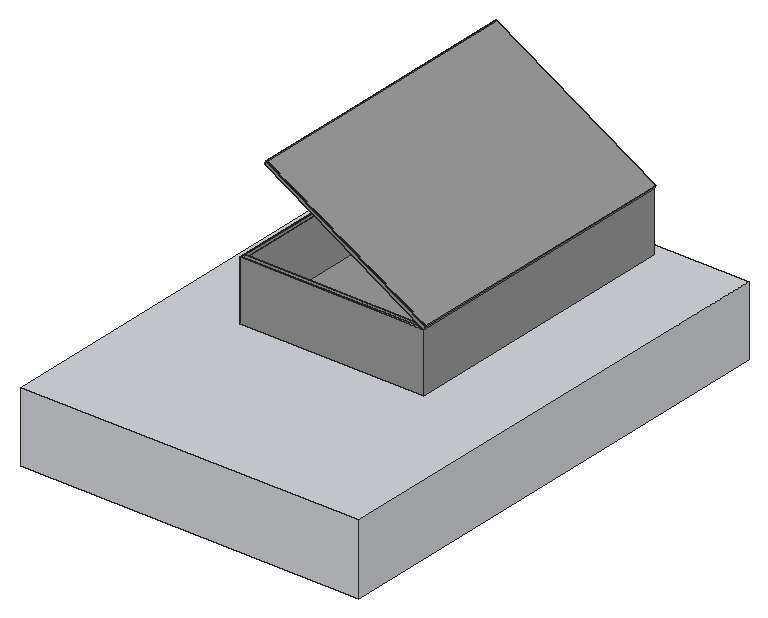
Revit family "Hager-Univers-IP55-D275-H1250-Cl.II-Steel_encl-PL-en", category Equipement électrique, Revit 2020
Family settings
  Hôte = Face
  Configuration du panneau = Deux colonnes, circuits au sein
  Cote de connecteur circulaire = Utiliser le diamètre
  Type d'élément = Tableau de raccordement
  Couper avec des vides une fois chargée = Non
  Partagée = Non
  Point de calcul de pièce = Non
Parameters (values of type "Surface mounted (plaster) IP55 W800 H1250 D275  - FR83S")
  Width Control [instance] = if([EF000008 - Width] > Min Width, [EF000008 - Width], Min Width)  # 800 mm
  Commentaires du type = [HG000003 - Range]  # "Univers"
  Thickness Door [instance] = if([EF009171 - Material plate thickness door/cover] > 3 mm, 3 mm, [EF009171 - Material plate thickness door/cover])  # 1.5 mm
  Seal Frame Offset [instance] = 17 mm  # constant formula
  Plinth Visibility [instance] = [HG000027 - Plinth height] > 0 mm  # no
  Model = ""
  Min Width [instance] = 100 mm  # constant formula
  Min Height [instance] = 100 mm  # constant formula
  Min Depth [instance] = (2 * [EF009170 - Material plate thickness cabinet]) + 1 mm  # 4 mm
  Internal Frame Depth [instance] = (Door System Depth * 0.5)  # 9 mm
  Height Control [instance] = if([EF000040 - Height] > Min Height, [EF000040 - Height], Min Height)  # 1250 mm
  HG000027 - Plinth height = 0 mm
  HG000026 - Floor standing = no
  HG000024 - Bottom section height = 800 mm
  HG000023 - Double section enclosure = no
  HG000016 - Door 3d visibility [instance] = yes
  HG000015 - Clearance visibility [instance] = no
  HG000014 - Door on the right [instance] = yes
  HG000013 - Door on the left [instance] = not([HG000014 - Door on the right])  # no
  HG000012 - Door swing angle [instance] = 30.00°
  HG000010 - Asymmetric doors = no
  HG000009 - Double swing door = no
  HG000006 - Flush mounted = no
  HG000004 - Manufacturer reference = "FR83S"
  HG000003 - Range = "Univers"
  HG000002 - With door or cover = yes
  Frame Offset Bottom [instance] = 10 mm  # constant formula
  Frame Offset [instance] = 15 mm  # constant formula
  EF015940 - Cover with overpressure release = no
  EF011959 - Degree of protection (NEMA) = ""
  EF009554 - Number of openings for flange plates = 6
  EF009212 - Cover model = "EV000116 - Closed"
  EF009171 - Material plate thickness door/cover = 1.5 mm
  EF009170 - Material plate thickness cabinet = 1.5 mm
  Fabricant = "Hager"  # constant formula
  EF008873 - Nominal current (In) = 800 A
  EF007800 - Suitable for lightning protection = no
  EF006306 - With lock = no
  EF006244 - Transparent cover/door = no
  EF005474 - Degree of protection (IP) = "EV006420 - IP55"
  EF004464 - Type of door = "EV002646 - Single"
  EF004427 - Number of modules = 288
  EF004293 - Impact strength = "EV008784 - IK10"
  EF003532 - Suitable for outdoor use = no
  EF002950 - Width in number of modular spacings = 24
  EF001613 - Circuit integrity = "EV000494 - None"
  EF001596 - Material housing = "EV000179 - Steel"
  EF001131 - Internal depth = 275 mm
  EF001088 - Extension possible = yes
  EF000437 - Number of conduit inlets = 6
  EF000339 - Type of cover = "EV004216 - Door"
  EF000266 - Number of rows = 8
  EF000218 - Built-in depth = 0 mm
  EF000118 - With mounting plate = no
  EF000116 - RAL-number = "7035"
  EF000049 - Depth = 275 mm
  EF000040 - Height = 1250 mm
  EF000008 - Width = 800 mm
  EF000007 - Colour = "EV000270 - Grey"
  EF000003 - Mounting method = "EV000384 - Surface mounted (plaster)"
  Door System Leaf Tolerance [instance] = 1.5 mm  # constant formula
  Door System Depth [instance] = 18 mm  # constant formula
  Door Height [instance] = Height Control - [HG000027 - Plinth height]  # 1250 mm
  Depth Control [instance] = if([EF000049 - Depth] > Min Depth, [EF000049 - Depth], Min Depth)  # 275 mm
  Default Elevation = 0 mm
  Connector Offset [instance] = Height Control / 2  # 625 mm
  Bottom Top Plate Trim [instance] = 1.5 mm  # constant formula
  Plinth height Ctrl [instance] = if([HG000027 - Plinth height] > 0 mm, [HG000027 - Plinth height], 12 mm)  # 12 mm
Types (5, lengths in mm): name | Width Control | HG000010 - Asymmetric doors | HG000009 - Double swing door | HG000004 - Manufacturer reference | EF009554 - Number of openings for flange plates | EF004464 - Type of door | EF004427 - Number of modules | EF000437 - Number of conduit inlets | EF000008 - Width
  Surface mounted (plaster) IP55 W1050 H1250 D275  - FR84S | 1050 | no | yes | "FR84S" | 8 | "EV003602 - Double" | 384 | 8 | 1050
  Surface mounted (plaster) IP55 W1300 H1250 D275  - FR85S | 1300 | yes | yes | "FR85S" | 10 | "EV003602 - Double" | 480 | 10 | 1300
  Surface mounted (plaster) IP55 W300 H1250 D275  - FR81S | 300 | no | no | "FR81S" | 2 | "EV002646 - Single" | 96 | 2 | 300
  Surface mounted (plaster) IP55 W550 H1250 D275  - FR82S | 550 | no | no | "FR82S" | 4 | "EV002646 - Single" | 192 | 4 | 550
  Surface mounted (plaster) IP55 W800 H1250 D275  - FR83S | 800 | no | no | "FR83S" | 6 | "EV002646 - Single" | 288 | 6 | 800
Reference planes
  plane 1 "Center (Front/Back)": y = 0
  plane 2: z = 0
  plane 3 "Center (Left/Right)": x = 0
  plane 4: z = 275
  plane 5: y = 1.5
  plane 6: y = 625
  plane 7: y = 0
  plane 8: y = 1250
  plane 9: z = 0
  plane 10: x = -385
  plane 11: x = 385
  plane 12: x = 383.5
  plane 13: x = -383.5
  plane 14: y = 1248.5
  plane 15: x = -383
  plane 16: x = -400
  plane 17: x = 383
  plane 18: x = 400
  plane 19: x = 398.5
  plane 20: x = -398.5
  plane 21: y = 11.5
  plane 22: y = 1250
  plane 23: y = 1233.5
  plane 24: z = 257
  plane 25: z = 1.5
  plane 26: z = 255.5
  plane 27: z = 273.5
Forms (mm)
  Extrusion 1, solid
    sketch origin (0, 0, 0) x (1, 0, 0) y (0, 1, 0)
      loop
        line (-702.964, 1305) -> (-702.964, -811.445) -> (766.763, -811.445) -> (766.763, 1305) -> (-702.964, 1305)
    from 0 to -304.8
  Extrusion 2, solid, material "Hager_Steel_RAL7035_Light_Grey", visible <- "Plinth Visibility", detail levels medium+fine
    sketch origin (0, 0, 0) x (1, 0, 0) y (0, 1, 0)
      loop
        line (-400, 0) -> (400, 0) -> (400, 12) -> (-400, 12) -> (-400, 0)
    from 0 to 257
  Extrusion 3, solid, material "Hager_Steel_RAL7035_Light_Grey", detail levels medium+fine
    sketch origin (0, 0, 0) x (1, 0, 0) y (0, 1, 0)
      loop
        line (-400, 0) -> (400, 0) -> (400, 1250) -> (-400, 1250) -> (-400, 0)
    from 0 to 257
  Extrusion 4, void
    sketch origin (0, 0, 0) x (1, 0, 0) y (0, 1, 0)
      loop
        line (-398.5, 1.5) -> (398.5, 1.5) -> (398.5, 1248.5) -> (-398.5, 1248.5) -> (-398.5, 1.5)
    from 1.5 to 255.5
  Extrusion 5, void
    sketch origin (-381.607, -4572, 257) x (0, -1, 0) y (-1, 0, 0)
      loop
        line (-4583.5, 1.893) -> (-5805.5, 1.893) -> (-5805.5, -765.107) -> (-4583.5, -765.107) -> (-4583.5, 1.893)
    from 0 to 1.5 <- "EF009170 - Material plate thickness cabinet"
  Extrusion 6, solid, material "Hager_Steel_RAL7035_Light_Grey", detail levels fine
    sketch origin (0, 0, 257) x (1, 0, 0) y (0, 1, 0)
      loop
        line (-383.5, 1233.5) -> (-383.5, 11.5) -> (383.5, 11.5) -> (383.5, 1233.5) -> (-383.5, 1233.5)
      loop
        line (-385, 10) -> (385, 10) -> (385, 1235) -> (-385, 1235) -> (-385, 10)
    from 0 to 9 <- "Internal Frame Depth"
  Extrusion 7, solid, material "Hager_Steel_RAL7035_Light_Grey", detail levels coarse
    sketch origin (0, 0, 0) x (1, 0, 0) y (0, 1, 0)
      loop
        line (-400, 0) -> (400, 0) -> (400, 1250) -> (-400, 1250) -> (-400, 0)
    from 0 to 275
  Sweep 8, void
    path in 3D
      loop
        line (-400, 12, 0) -> (400, 12, 0) -> (400, 12, 257) -> (-400, 12, 257) -> (-400, 12, 0)
    profile origin (-400, 12, 128.5) x (-1, 0, 0) y (0, -1, 0)
      loop
        line (0, 0) -> (0, 1.5) -> (-1.5, 1.5)
        arc (-1.5, 1.5) -> (-1.061, 0.439) -> (0, 0) r 1.5
Cuts and joins
  Extrusion 4, Extrusion 5 cuts Extrusion 3
  Sweep 8 cuts Extrusion 2
Lines and regions (mm)
  Masking region 1
    outline origin (0, 0, 0) x (1, 0, 0) y (0, 0, 1)
      loop
        line (-400, 275) -> (-400, 0) -> (400, 0) -> (400, 275) -> (-400, 275)
  Masking region 2, detail levels medium+fine
    outline origin (0, 140, 0) x (0, 1, 0) y (0, 0, 1)
      loop
        line (-140, 0) -> (1110, 0) -> (1110, 257) -> (-140, 257) -> (-140, 0)
  Masking region 3, not visible, detail levels medium+fine
    outline origin (0, 297.922, 0) x (0, 1, 0) y (0, 0, 1)
      loop
        line (338.578, 0) -> (378.578, 0) -> (378.578, 263.5)
        arc (378.578, 263.5) -> (375.649, 270.571) -> (368.578, 273.5) r 10
        line (368.578, 273.5) -> (338.578, 273.5) -> (338.578, 0)
  Masking region 4, detail levels coarse
    outline origin (0, 0, 180) x (0, 1, 0) y (0, 0, 1)
      loop
        line (0, -180) -> (1250, -180) -> (1250, 95) -> (0, 95) -> (0, -180)
  Masking region 5, visible <- "Plinth Visibility", detail levels medium+fine
    outline origin (0, 52.24, 12.345) x (0, 0, -1) y (0, 1, 0)
      loop
        line (10.845, -40.24) -> (-243.155, -40.24)
        arc (-243.155, -40.24) -> (-243.594, -41.301) -> (-244.655, -41.74) r 1.5
        line (-244.655, -41.74) -> (-244.655, -52.24) -> (12.345, -52.24) -> (12.345, -41.74)
        arc (12.345, -41.74) -> (11.285, -41.301) -> (10.845, -40.24) r 1.5
  Masking region 6, detail levels medium+fine
    outline origin (-381.607, -4572, 257) x (-1, 0, 0) y (0, -1, 0)
      loop
        line (18.393, -5822) -> (18.393, -4572) -> (-781.607, -4572) -> (-781.607, -5822) -> (18.393, -5822)
  Masking region 7, visible <- "Plinth Visibility", detail levels medium+fine
    outline origin (-381.607, -4727, 257) x (-1, 0, 0) y (0, -1, 0)
      loop
        arc (16.893, -4739) -> (17.332, -4737.939) -> (18.393, -4737.5) r 1.5
        line (18.393, -4737.5) -> (18.393, -4727) -> (-781.607, -4727) -> (-781.607, -4737.5)
        arc (-781.607, -4737.5) -> (-780.546, -4737.939) -> (-780.107, -4739) r 1.5
        line (-780.107, -4739) -> (16.893, -4739)
  Masking region 8, detail levels coarse
    outline origin (-442.548, -4669.526, 257) x (-1, 0, 0) y (0, -1, 0)
      loop
        line (-42.548, -5919.526) -> (-42.548, -4669.526) -> (-842.548, -4669.526) -> (-842.548, -5919.526) -> (-42.548, -5919.526)
  sketch lines
    curve 1: line (-400, 12, 257) -> (-400, 12, 0)
    curve 2: line (400, 12, 257) -> (-400, 12, 257)
    curve 3: line (400, 12, 257) -> (400, 12, 0)
    curve 4: line (-400, 12, 0) -> (400, 12, 0)
Dimensions and locks
  "Depth Control": plane 4 to Extrusion 1
  "HG000027 - Plinth height": plane 1 "Center (Front/Back)" to plane 7
  "EF009170 - Material plate thickness cabinet": plane 5 to plane 7
  locked: connector elem to plane 3 "Center (Left/Right)"
  equal spacing: plane 8, plane 6, plane 7
  locked: connector elem to plane 6
  "EF009170 - Material plate thickness cabinet": plane 8 to plane 14
  "EF009170 - Material plate thickness cabinet": plane 10 to plane 13
  "EF009170 - Material plate thickness cabinet": plane 12 to plane 11
  "Frame Offset": plane 20 to plane 13
  "Frame Offset": plane 12 to plane 19
  "EF009170 - Material plate thickness cabinet": plane 16 to plane 20
  "EF009170 - Material plate thickness cabinet": plane 19 to plane 18
  "Seal Frame Offset": plane 16 to plane 15
  "Seal Frame Offset": plane 17 to plane 18
  "Frame Offset Bottom": plane 21 to plane 5
  "Frame Offset": plane 14 to plane 23
  equal spacing: plane 16, plane 3 "Center (Left/Right)", plane 18
  "Width Control": plane 16 to plane 18
  "EF009170 - Material plate thickness cabinet": plane 4 to plane 27
  "EF009170 - Material plate thickness cabinet": plane 24 to plane 26
  "EF009170 - Material plate thickness cabinet": plane 25 to level
  "Door System Depth": plane 4 to plane 24
  "Height Control": plane 1 "Center (Front/Back)" to Extrusion 7 sketch curve
  "Height Control": Masking region 4 sketch curve to plane 1 "Center (Front/Back)"
  "Height Control": plane 1 "Center (Front/Back)" to plane 22
  "Bottom Top Plate Trim": profile plane to Sweep 8 sketch curve
  "Bottom Top Plate Trim": Sweep 8 sketch curve to profile plane
  "Plinth height Ctrl": plane 1 "Center (Front/Back)" to Extrusion 2 sketch curve
  "Plinth height Ctrl": Masking region 5 sketch curve to plane 1 "Center (Front/Back)"
  "Plinth height Ctrl": plane 1 "Center (Front/Back)" to Masking region 7 sketch curve
  "Thickness Door": Extrusion 6 sketch curve to Extrusion 6 sketch curve  (x3)
  "Thickness Door": cut or joined group of Extrusion 3, Extrusion 4, Extrusion 5 to Extrusion 6 sketch curve
  radius of Masking region 3 sketch curve = 10 mm
  "Bottom Top Plate Trim": radius of Masking region 5 sketch curve  (x2)
  "Bottom Top Plate Trim": radius of Sweep 8 sketch curve
  "Bottom Top Plate Trim": radius of Masking region 7 sketch curve  (x2)
  aligned and locked: plane 2 to Extrusion 1
  aligned and locked: level to Extrusion 1
  aligned and locked: level to Masking region 1 sketch curve
  aligned and locked: Masking region 1 sketch curve to plane 18
  aligned and locked: Masking region 1 sketch curve to plane 16
  aligned and locked: plane 7 to Masking region 2 sketch curve
  aligned and locked: level to Masking region 3 sketch curve
  aligned and locked: Masking region 3 sketch curve to plane 27
  aligned and locked: level to Masking region 2 sketch curve
  aligned and locked: plane 1 "Center (Front/Back)" to Extrusion 2 sketch curve
  aligned and locked: Extrusion 3 sketch curve to plane 7
  aligned and locked: plane 16 to Extrusion 3 sketch curve
  aligned and locked: plane 18 to Extrusion 3 sketch curve
  aligned and locked: plane 20 to Extrusion 4 sketch curve
  aligned and locked: plane 19 to Extrusion 4 sketch curve
  aligned and locked: Extrusion 4 sketch curve to plane 5
  aligned and locked: Extrusion 4 to plane 25
  aligned and locked: plane 26 to Extrusion 4
  aligned and locked: plane 24 to Extrusion 3
  aligned and locked: Extrusion 5 sketch curve to plane 21
  aligned and locked: Extrusion 5 sketch curve to plane 13
  aligned and locked: Extrusion 5 sketch curve to plane 12
  aligned and locked: plane 18 to Extrusion 7 sketch curve
  aligned and locked: plane 1 "Center (Front/Back)" to Extrusion 7 sketch curve
  aligned and locked: plane 16 to Extrusion 7 sketch curve
  aligned and locked: plane 4 to Extrusion 7
  aligned and locked: Extrusion 7 to level
  aligned and locked: level to Masking region 4 sketch curve
  aligned and locked: Masking region 4 sketch curve to plane 1 "Center (Front/Back)"
  aligned and locked: Masking region 4 sketch curve to plane 4
  aligned and locked: nested 1 to level
  aligned and locked: nested 1 to plane 16
  aligned and locked: plane 8 to Extrusion 3 sketch curve
  aligned and locked: plane 23 to Extrusion 5 sketch curve
  aligned and locked: plane 14 to Extrusion 4 sketch curve
  aligned and locked: Masking region 2 sketch curve to plane 8
  aligned and locked: level to Masking region 5 sketch curve
  aligned and locked: plane 16 to Extrusion 2 sketch curve
  aligned and locked: plane 18 to Extrusion 2 sketch curve
  aligned and locked: Masking region 5 sketch curve to plane 24
  aligned and locked: Masking region 2 sketch curve to plane 24
  aligned and locked: plane 24 to Extrusion 2
  aligned and locked: profile plane to Sweep 8 sketch curve  (x2)
  aligned and locked: Masking region 6 sketch curve to plane 18
  aligned and locked: Masking region 6 sketch curve to plane 22
  aligned and locked: Masking region 6 sketch curve to plane 16
  aligned and locked: plane 8 to plane 22
  aligned and locked: Masking region 6 sketch curve to plane 7
  aligned and locked: Masking region 7 sketch curve to plane 16
  aligned and locked: Masking region 7 sketch curve to plane 1 "Center (Front/Back)"
  aligned and locked: Masking region 7 sketch curve to plane 18
  aligned and locked: Masking region 8 sketch curve to plane 1 "Center (Front/Back)"
  aligned and locked: Masking region 8 sketch curve to plane 18
  aligned and locked: Masking region 8 sketch curve to plane 22
  aligned and locked: Masking region 8 sketch curve to plane 16
  aligned and locked: nested 2 to plane 7
  aligned and locked: plane 3 "Center (Left/Right)" to nested 2
  aligned and locked: nested 2 to plane 24
  aligned and locked: Extrusion 6 sketch curve to cut or joined group of Extrusion 3, Extrusion 4, Extrusion 5  (x4)
Automatic sketch dimensions
  Extrusion 1 sketch curve to Extrusion 1 sketch curve = 1469.727 mm
  Extrusion 1 sketch curve to Extrusion 1 sketch curve = 2116.445 mm
  Masking region 1 sketch curve to plane 4 = 0 mm
  plane 6 to Masking region 3 sketch curve = 11.5 mm
  Masking region 3 sketch curve to Masking region 3 sketch curve = 30 mm
  Masking region 5 sketch curve to plane 1 "Center (Front/Back)" = 0 mm
Nested families
  nested 1: "Hager_Enclosure_Symbol" at (-400, 0, 0) x (1, 0, 0) z (0, -1, 0), Height <- "Depth Control", Width <- "Width Control", type "Hager_Enclosure_Symbol"
    with Width_Ctrl 800 mm, Width 800 mm, Height_Ctrl 275 mm, Height 275 mm, A_Width_Int 18.047 mm, A_Width 216.562 mm, A_Height_Ctrl 240.625 mm, A_Height 240.625 mm
  nested 2: "EC000058_Univers_Door" at (0, 0, 257) x (1, 0, 0) z (0, 1, 0), Leaf_Tolerance <- "Door System Leaf Tolerance", Angle <- "HG000012 - Door swing angle", Door_Depth <- "Door System Depth", Door_Left <- "HG000013 - Door on the left", Transparent <- "EF006244 - Transparent cover/door", Assymetrical <- "HG000010 - Asymmetric doors", Width <- "Width Control", Clearance <- "HG000015 - Clearance visibility", Double <- "HG000009 - Double swing door", 3d_Door <- "HG000016 - Door 3d visibility", Lock_Visibility <- "EF006306 - With lock", Width_Ctrl <- "Width Control", Door_Right <- "HG000014 - Door on the right", Door <- "HG000002 - With door or cover", Height <- "Door Height", Thickness <- "Thickness Door", type "EC000058_Univers_Door", detail levels medium+fine
    with min_wh 4 mm, Width_Ctrl 800 mm, Width 800 mm, Transparent no, Thickness 1.5 mm, Seal_Material Hager_Rubber, Lock_Visibility no, Lock_Material Hager_Plastic_RAL9005_Jet_Black, Leaf_Width 800 mm, Leaf_Tolerance_External_Sides 0 mm, Leaf_Tolerance 1.5 mm, Leaf_Offset 0 mm, Leaf_Height 1247 mm, Leaf_2_Width 800 mm, Leaf_2_Offset 400 mm, Leaf_1_Width 800 mm, Leaf_1_Offset 400 mm, Height_Ctrl 1250 mm, Height 1250 mm, Glass_Material Hager_Glass, Double_Clearance_Ctrl no, Double no, Door_Right_Ctrl yes, Door_Right yes, Door_Material Hager_Steel_RAL7035_Light_Grey, Door_Left_Ctrl no, Door_Left no, Door_Depth 18 mm, Door yes, Clearance_Material Hager_Clearance, Clearance_Depth 800 mm, Clearance_Ctrl no, Clearance no, Assymetrical no, Angle 30.00°, 3d_Door yes
Connectors
  electrical at (0, 625, 0)
    settings: on plane 9, index 1, voltage 0 V, apparent load 0 VA, apparent load phase1 0 VA, apparent load phase2 0 VA, apparent load phase3 0 VA, power factor 1, load classification "Other", number of poles 1, system type 30, power factor state 1, is connector primary yes, connector utility no, sub classification motor no, connector description ""
Definition of nested family "EC000058_Univers_Door"
  Parameters (values of type "EC000058_Univers_Door")
    min_wh [instance] = (2 * Thickness) + 1 mm  # 11 mm
    Width_Ctrl [instance] = 400 mm
    Width [instance] = 500 mm
    Transparent [instance] = yes
    Thickness [instance] = 5 mm
    Seal_Material [instance] = none
    Lock_Visibility [instance] = yes
    Lock_Material [instance] = none
    Leaf_Width [instance] = if((Width_Ctrl - 2 * Leaf_Tolerance_External_Sides) > 0 mm, (Width_Ctrl - 2 * Leaf_Tolerance_External_Sides), min_wh)  # 400 mm
    Leaf_Tolerance_External_Sides [instance] = 0 mm  # constant formula
    Leaf_Tolerance [instance] = 1.5 mm
    Leaf_Offset [instance] = 0 mm  # constant formula
    Leaf_Height [instance] = if((Height_Ctrl - 2 * Leaf_Tolerance) > 0 mm, (Height_Ctrl - 2 * Leaf_Tolerance), min_wh)  # 497 mm
    Leaf_2_Width [instance] = if(and(and(Double, Assymetrical), Door_Left), (Leaf_Width / 3) - (Leaf_Tolerance / 2), if(and(and(Double, Assymetrical), Door_Right), (Leaf_Width / 3) * 2 - (Leaf_Tolerance / 2), if(and(Double, not(Assymetrical)), (Leaf_Width / 2) - Leaf_Tolerance, Leaf_Width)))  # 400 mm
    Leaf_2_Offset [instance] = if(and(Double, Assymetrical), Leaf_2_Width / 2, if(and(Double, not(Assymetrical)), Leaf_Width / 4, Leaf_Width / 2))  # 200 mm
    Leaf_1_Width [instance] = if(and(and(Double, Assymetrical), Door_Right), (Leaf_Width / 3) - (Leaf_Tolerance / 2), if(and(and(Double, Assymetrical), Door_Left), (Width / 3) * 2 - (Leaf_Tolerance / 2), if(and(Double, not(Assymetrical)), (Leaf_Width / 2) - Leaf_Tolerance, Leaf_Width)))  # 400 mm
    Leaf_1_Offset [instance] = if(and(Double, Assymetrical), Leaf_1_Width / 2, if(and(Double, not(Assymetrical)), Leaf_Width / 4, Leaf_Width / 2))  # 200 mm
    Height_Ctrl [instance] = if(Height > min_wh, Height, min_wh)  # 500 mm
    Height [instance] = 500 mm
    Glass_Material [instance] = none
    Double_Clearance_Ctrl [instance] = and(Double, Clearance)  # no
    Double [instance] = no
    Door_Right_Ctrl [instance] = and(or(Door_Right, Double), Door)  # yes
    Door_Right [instance] = yes
    Door_Material [instance] = none
    Door_Left_Ctrl [instance] = and(or(Door_Left, Double), Door)  # no
    Door_Left [instance] = no
    Door_Depth [instance] = 30 mm
    Door [instance] = yes
    Default Elevation = 1219.2 mm
    Clearance_Material [instance] = none
    Clearance_Depth [instance] = if(Leaf_1_Width > Leaf_2_Width, Leaf_1_Width, Leaf_2_Width)  # 400 mm
    Clearance_Ctrl [instance] = and(not(Double), Clearance)  # yes
    Clearance [instance] = yes
    Assymetrical [instance] = yes
    Angle [instance] = 30.00°
    3d_Door [instance] = yes
  Reference planes
    plane 1 "Center (Front/Back)": y = 0
    plane 2 "Bottom": z = 0
    plane 3 "Center (Left/Right)": x = 0
    plane 4: z = 500
    plane 5: x = -200
    plane 6: x = 200
    plane 7: z = 500
    plane 8: x = -200
    plane 9: z = 0
    plane 10: x = 200
    plane 11: y = 0
    plane 12: z = 1.5
    plane 13: x = -600
    plane 14: y = -400
    plane 15: x = 600
    plane 16: x = 0
    plane 17: x = 0
    plane 18: x = -200
    plane 19: x = 200
    plane 20: z = 498.5
  Forms (mm)
    Extrusion 1, solid, material <- "Clearance_Material", visible <- "Double_Clearance_Ctrl"
      sketch origin (1200, 0, 0) x (1, 0, 0) y (0, 0, -1)
        loop
          line (-1800, -498.5) -> (-600, -498.5) -> (-600, 0) -> (-1800, 0) -> (-1800, -498.5)
      from 0 to -400
  Dimensions and locks
    equal spacing: plane 5, plane 3 "Center (Left/Right)", plane 6
    "Width_Ctrl": plane 5 to plane 6
    "Leaf_Offset": plane 5 to plane 8
    "Leaf_Offset": plane 6 to plane 10
    "Leaf_Offset": plane 9 to level
    "Leaf_Offset": plane 4 to plane 7
    "Height_Ctrl": plane 4 to level
    "Leaf_Tolerance": plane 12 to plane 9
    locked: plane 11 to plane 1 "Center (Front/Back)"
    "Leaf_1_Offset": plane 18 to plane 16
    "Leaf_2_Offset": plane 17 to plane 19
    "Leaf_1_Width": plane 13 to plane 8
    "Leaf_2_Width": plane 10 to plane 15
    "Clearance_Depth": plane 14 to plane 1 "Center (Front/Back)"
    "Leaf_Tolerance_External_Sides": plane 8 to plane 18
    "Leaf_Tolerance_External_Sides": plane 19 to plane 10
    "Leaf_Tolerance": plane 7 to plane 20
    aligned and locked: level to plane 2 "Bottom"
    aligned and locked: nested 1 to plane 16
    aligned and locked: nested 2 to plane 17
    aligned and locked: Extrusion 1 to plane 13
    aligned and locked: plane 15 to Extrusion 1
    aligned and locked: Extrusion 1 to plane 14
    aligned and locked: plane 12 to nested 1
    aligned and locked: nested 2 to plane 12
    aligned and locked: Extrusion 1 to plane 11
    aligned and locked: plane 20 to Extrusion 1
    aligned and locked: nested 2 to plane 11
    aligned and locked: nested 1 to plane 11
  Automatic sketch dimensions
    Extrusion 1 sketch curve to level = 0 mm
    plane 5 to Extrusion 1 sketch curve = 400 mm
    plane 6 to Extrusion 1 sketch curve = 400 mm
    Extrusion 1 sketch curve to plane 4 = 1.5 mm
  Nested families
    nested 1: "EC000058_Univers_Door_Leaf" at (0, 0, 1.5), Width <- "Leaf_1_Width", visible <- "Door_Left_Ctrl", Leaf_Height <- "Leaf_Height", Angle <- "Angle", 3d_Door <- "3d_Door", Transparent <- "Transparent", Clearance Material <- "Clearance_Material", Clearance <- "Clearance_Ctrl", Door_Material <- "Door_Material", Glass_Material <- "Glass_Material", Door_Depth <- "Door_Depth", Lock_Material <- "Lock_Material", Seal_Material <- "Seal_Material", Lock_Visibility <- "Lock_Visibility", Thickness <- "Thickness", type "EC000058_Univers_Door_Leaf"
      with Width 400 mm, Transparent_Glass_Offset 30 mm, Transparent_Ctrl yes, Transparent yes, Thickness 5 mm, Standard no, Seal_Material none, Seal_D2 8 mm, Seal_D1 1 mm, Offset_Internal_Frame 10 mm, Lock_Width 20 mm, Lock_Visibility_3d yes, Lock_Visibility yes, Lock_Thickness_3 3 mm, Lock_Thickness_2 1 mm, Lock_Thickness_1 3 mm, Lock_Radius_Offset_2 16 mm, Lock_Radius_Offset_1 15 mm, Lock_Radius_2 5 mm, Lock_Radius 6 mm, Lock_Offset 5 mm, Lock_Material none, Lock_Height 80 mm, Lock_Cover_Top_Offset_2d 17 mm, Lock_Cover_Height -65 mm, Leaf_Height 497 mm, Internal_Seal_Thickness 8 mm, Internal_Seal_Depth_2 4.5 mm, Internal_Frame_Depth 25 mm, Glass_Thickness -1 mm, Glass_Offset -2 mm, Glass_Material none, Door_Material none, Door_Depth 30 mm, Clearance Material none, Clearance yes, Angle_Ctrl 30.00°, Angle 30.00°, 3d_Door yes
    nested 2: "EC000058_Univers_Door_Leaf" at (0, 0, 1.5) x (-1, 0, 0) z (0, 0, 1), Width <- "Leaf_2_Width", visible <- "Door_Right_Ctrl", Leaf_Height <- "Leaf_Height", Angle <- "Angle", 3d_Door <- "3d_Door", Transparent <- "Transparent", Clearance Material <- "Clearance_Material", Clearance <- "Clearance_Ctrl", Door_Material <- "Door_Material", Glass_Material <- "Glass_Material", Door_Depth <- "Door_Depth", Lock_Material <- "Lock_Material", Seal_Material <- "Seal_Material", Lock_Visibility <- "Lock_Visibility", Thickness <- "Thickness", type "EC000058_Univers_Door_Leaf"
      with Width 400 mm, Transparent_Glass_Offset 30 mm, Transparent_Ctrl yes, Transparent yes, Thickness 5 mm, Standard no, Seal_Material none, Seal_D2 8 mm, Seal_D1 1 mm, Offset_Internal_Frame 10 mm, Lock_Width 20 mm, Lock_Visibility_3d yes, Lock_Visibility yes, Lock_Thickness_3 3 mm, Lock_Thickness_2 1 mm, Lock_Thickness_1 3 mm, Lock_Radius_Offset_2 16 mm, Lock_Radius_Offset_1 15 mm, Lock_Radius_2 5 mm, Lock_Radius 6 mm, Lock_Offset 5 mm, Lock_Material none, Lock_Height 80 mm, Lock_Cover_Top_Offset_2d 17 mm, Lock_Cover_Height -65 mm, Leaf_Height 497 mm, Internal_Seal_Thickness 8 mm, Internal_Seal_Depth_2 4.5 mm, Internal_Frame_Depth 25 mm, Glass_Thickness -1 mm, Glass_Offset -2 mm, Glass_Material none, Door_Material none, Door_Depth 30 mm, Clearance Material none, Clearance yes, Angle_Ctrl 30.00°, Angle 30.00°, 3d_Door yes
  Definition of nested family "EC000058_Univers_Door_Leaf"
    Parameters (values of type "EC000058_Univers_Door_Leaf")
      Width [instance] = 2000 mm
      Transparent_Glass_Offset [instance] = 30 mm
      Transparent_Ctrl [instance] = and(Transparent, [3d_Door])  # yes
      Transparent [instance] = yes
      Thickness [instance] = 5 mm
      Standard [instance] = and(not(Transparent), [3d_Door])  # no
      Seal_Material [instance] = none
      Seal_D2 [instance] = 8 mm  # constant formula
      Seal_D1 [instance] = 1 mm  # constant formula
      Offset_Internal_Frame [instance] = 10 mm  # constant formula
      Lock_Width [instance] = 20 mm  # constant formula
      Lock_Visibility_3d [instance] = and(Lock_Visibility, [3d_Door])  # yes
      Lock_Visibility [instance] = yes
      Lock_Thickness_3 [instance] = 3 mm  # constant formula
      Lock_Thickness_2 [instance] = 1 mm  # constant formula
      Lock_Thickness_1 [instance] = 3 mm  # constant formula
      Lock_Radius_Offset_2 [instance] = Lock_Radius_Offset_1 + 1 mm  # 16 mm
      Lock_Radius_Offset_1 [instance] = 15 mm  # constant formula
      Lock_Radius_2 [instance] = Lock_Radius - 1 mm  # 5 mm
      Lock_Radius [instance] = 6 mm  # constant formula
      Lock_Offset [instance] = 5 mm  # constant formula
      Lock_Material [instance] = none
      Lock_Height [instance] = 80 mm  # constant formula
      Lock_Cover_Top_Offset_2d [instance] = Lock_Radius_Offset_2 + 1 mm  # 17 mm
      Lock_Cover_Height [instance] = -(Lock_Height - Lock_Radius_Offset_1)  # -65 mm
      Leaf_Height [instance] = 2720.336 mm
      Internal_Seal_Thickness [instance] = 8 mm  # constant formula
      Internal_Seal_Depth_2 [instance] = 4.5 mm  # constant formula
      Internal_Frame_Depth [instance] = if(Door_Depth - Thickness > 5 mm, Door_Depth - Thickness, 5 mm)  # 25 mm
      Glass_Thickness [instance] = if(Thickness > 15 mm, Glass_Offset + 10 mm, -1 mm)  # -1 mm
      Glass_Offset [instance] = if(Thickness > 15 mm, -(Thickness + 10 mm) / 2, -2 mm)  # -2 mm
      Glass_Material [instance] = none
      Door_Material [instance] = none
      Door_Depth [instance] = 30 mm
      Default Elevation = 0 mm
      Clearance Material [instance] = none
      Clearance [instance] = yes
      Angle_Ctrl [instance] = if(Angle > 180.00°, 180.00°, Angle)  # 90.00°
      Angle [instance] = 90.00°
      3d_Door [instance] = yes
    Reference planes
      plane 1 "Center (Front/Back)": y = 0
      plane 2: z = 0
      plane 3 "Center (Left/Right)": x = 0
      plane 4: y = 2000
      plane 5: x = -1000
      plane 6: x = 1000
      plane 7: x = -3000
      plane 8: z = 2720.336
      plane 9: z = 30
      plane 10: z = 2690.336
      plane 11: x = 970
      plane 12: x = -970
      plane 13: y = -3
      plane 14: z = 107.833
      plane 15: y = -5
      plane 16: y = -223.314
      plane 17: x = -1000
      plane 18: z = 1360.168
      plane 19: y = 30
    Forms (mm)
      Extrusion 1, solid, material <- "Clearance Material", visible <- "Clearance"
        sketch origin (0, 0, 0) x (1, 0, 0) y (0, 0, 1)
          loop
            line (-3000, 2720.336) -> (-3000, 0) -> (1000, 0) -> (1000, 2720.336) -> (-3000, 2720.336)
        from 0 to -2000
      Extrusion 2, solid, material <- "Door_Material", visible <- "Standard", detail levels medium+fine
        sketch origin (-1000, 0, 0) x (0, 1, 0) y (-1, 0, 0)
          loop
            line (0, 30) -> (0, 25) -> (2000, 25) -> (2000, 30) -> (0, 30)
        from 0 to 2720.336 <- "Leaf_Height"
      Extrusion 3, solid, material <- "Door_Material", visible <- "Transparent_Ctrl", detail levels medium+fine
        sketch origin (-1000, 0, 0) x (0, 1, 0) y (-1, 0, 0)
          loop
            line (0, 25) -> (2000, 25) -> (2000, 30) -> (0, 30) -> (0, 25)
        from 0 to 2720.336 <- "Leaf_Height"
      Extrusion 4, void
        sketch origin (-1025, 2000, 0) x (0, 1, 0) y (0, 0, -1)
          loop
            line (-30, -2690.336) -> (-30, -30) -> (-1970, -30) -> (-1970, -2690.336) -> (-30, -2690.336)
        from 0 to 5 <- "Thickness"
      Sweep 5, solid, material <- "Seal_Material", visible <- "Transparent_Ctrl", detail levels fine
        path in 3D
          loop
            line (-1025, 30, 30) -> (-1025, 30, 2690.336) -> (-1025, 1970, 2690.336) -> (-1025, 1970, 30) -> (-1025, 30, 30)
        profile origin (-1025, 1000, 30) x (1, 0, 0) y (0, 0, 1)
          loop
            line (0, 0) -> (0, -8) -> (1, -8) -> (1, 0) -> (0, 0)
      Extrusion 6, solid, material <- "Glass_Material", visible <- "Transparent_Ctrl", detail levels medium+fine
        sketch origin (-1030, 0, 0) x (0, 1, 0) y (0, 0, -1)
          loop
            line (1970, -2690.336) -> (1970, -30) -> (30, -30) -> (30, -2690.336) -> (1970, -2690.336)
        from -2 <- "Glass_Offset" to -1 <- "Glass_Thickness"
      Extrusion 7, solid, material <- "Door_Material", visible <- "3d_Door", detail levels medium+fine
        sketch origin (-1025, 2000, 0) x (0, -1, 0) y (0, 0, -1)
          loop
            line (0, -2720.336) -> (2000, -2720.336) -> (2000, 0) -> (0, 0) -> (0, -2720.336)
          loop
            line (1995, -5) -> (5, -5) -> (5, -2715.336) -> (1995, -2715.336) -> (1995, -5)
        from 0 to 25 <- "Internal_Frame_Depth"
      Sweep 8, solid, material <- "Seal_Material", visible <- "Transparent_Ctrl", detail levels fine
        path in 3D
          loop
            line (-1025, 0, 0) -> (-1025, 2000, 0) -> (-1025, 2000, 2720.336) -> (-1025, 0, 2720.336) -> (-1025, 0, 0)
        profile origin (-1025, 0, 1360.168) x (1, 0, 0) y (0, 1, 0)
          loop
            line (0, 10) -> (2.975, 10)
            arc (2.975, 10) -> (4.053, 10.447) -> (4.5, 11.525) r 1.525
            line (4.5, 11.525) -> (4.5, 16.527)
            arc (4.5, 16.527) -> (4.069, 17.569) -> (3.027, 18) r 1.473
            line (3.027, 18) -> (0, 18) -> (0, 10)
      Extrusion 9, solid, material <- "Lock_Material", visible <- "Lock_Visibility_3d", detail levels fine
        sketch origin (-1030, 0, 0) x (0, 1, 0) y (0, 0, -1)
          loop
            arc (1993.5, -1400.168) -> (1994.561, -1399.729) -> (1995, -1398.668) r 1.5
            line (1995, -1398.668) -> (1995, -1320.168) -> (1975, -1320.168) -> (1975, -1398.668)
            arc (1975, -1398.668) -> (1975.439, -1399.729) -> (1976.5, -1400.168) r 1.5
            line (1976.5, -1400.168) -> (1993.5, -1400.168)
        from 3 <- "Lock_Thickness_1" to 0
      Blend 10, solid, material <- "Lock_Material", visible <- "Lock_Visibility_3d", detail levels fine
        base sketch origin (-1033, 0, 0) x (0, 1, 0) y (0, 0, -1)
          loop
            line (1975, -1320.168) -> (1975, -1398.668)
            arc (1975, -1398.668) -> (1975.439, -1399.729) -> (1976.5, -1400.168) r 1.5
            line (1976.5, -1400.168) -> (1993.5, -1400.168)
            arc (1993.5, -1400.168) -> (1994.561, -1399.729) -> (1995, -1398.668) r 1.5
            line (1995, -1398.668) -> (1995, -1320.168) -> (1975, -1320.168)
        top sketch origin (-1033, 0, 0) x (0, 1, 0) y (0, 0, -1)
          loop
            line (1976, -1320.168) -> (1976, -1398.668)
            arc (1976, -1398.668) -> (1976.146, -1399.022) -> (1976.5, -1399.168) r 0.5
            line (1976.5, -1399.168) -> (1993.5, -1399.168)
            arc (1993.5, -1399.168) -> (1993.854, -1399.022) -> (1994, -1398.668) r 0.5
            line (1994, -1398.668) -> (1994, -1320.168) -> (1976, -1320.168)
        from 0 to 1 <- "Lock_Thickness_2"
      Blend 11, solid, material <- "Lock_Material", visible <- "Lock_Visibility_3d", detail levels fine
        base sketch origin (-1034, 0, 0) x (0, 1, 0) y (0, 0, -1)
          loop
            line (1978, -1320.168) -> (1978, -1384.168)
            arc (1978, -1384.168) -> (1985, -1391.168) -> (1992, -1384.168) r 7
            line (1992, -1384.168) -> (1992, -1320.168) -> (1978, -1320.168)
        top sketch origin (-1034, 0, 0) x (0, 1, 0) y (0, 0, -1)
          loop
            line (1991, -1320.168) -> (1979, -1320.168) -> (1979, -1383.168)
            arc (1979, -1383.168) -> (1985, -1389.168) -> (1991, -1383.168) r 6
            line (1991, -1383.168) -> (1991, -1320.168)
        from 0 to 3 <- "Lock_Thickness_3"
      Extrusion 12, solid, material <- "Lock_Material", visible <- "Lock_Visibility_3d", detail levels fine
        sketch origin (-1030, 1975, 1320.168) x (1, 0, 0) y (0, -1, 0)
          loop
            line (-7, -19) -> (-7, -1) -> (0, -1) -> (0, 0) -> (-8, 0) -> (-8, -20) -> (0, -20) -> (0, -19) -> (-7, -19)
        from 0 to -65 <- "Lock_Cover_Height"
      Extrusion 13, void
        sketch origin (-1038, 1995, 1320.168) x (-1, 0, 0) y (0, 0, -1)
          loop
            line (-5, -65) -> (0, -65) -> (-5, -60) -> (-5, -65)
        from 0 to 20 <- "Lock_Width"
      Extrusion 14, void
        sketch origin (-1038, 1975, 1320.168) x (0, -1, 0) y (0, 0, -1)
          loop
            circle (-10, -15.995) r 6
          loop
            circle (-10, -15.995) r 5
        from 0 to 2
      Extrusion 15, solid, material <- "Lock_Material", visible <- "Lock_Visibility_3d", detail levels medium
        sketch origin (-1030, 0, 0) x (0, 1, 0) y (0, 0, -1)
          loop
            arc (1993.5, -1400.168) -> (1994.561, -1399.729) -> (1995, -1398.668) r 1.5
            line (1995, -1398.668) -> (1995, -1320.168) -> (1975, -1320.168) -> (1975, -1398.668)
            arc (1975, -1398.668) -> (1975.439, -1399.729) -> (1976.5, -1400.168) r 1.5
            line (1976.5, -1400.168) -> (1993.5, -1400.168)
        from 8 to 0
    Cuts and joins
      Extrusion 4 cuts Extrusion 3
      Extrusion 13, Extrusion 14 cuts Extrusion 9
      Extrusion 14 cuts Blend 11
      Extrusion 13, Extrusion 14 cuts Extrusion 12
      joined: Extrusion 9, Blend 10, Blend 11, Extrusion 12
      Extrusion 14 cuts Extrusion 15
    Lines and regions (mm)
      Masking region 1, visible <- "Lock_Visibility", detail levels fine
        outline origin (0, 0, 0) x (0, 1, 0) y (0, 0, 1)
          loop
            line (30, 1320.168) -> (33, 1320.168) -> (33, 1400.168) -> (30, 1400.168) -> (30, 1320.168)
      Masking region 2, visible <- "Lock_Visibility", detail levels fine
        outline origin (0, 3.143, 0) x (0, 1, 0) y (0, 0, 1)
          loop
            line (29.857, 1354.168) -> (30.857, 1354.168) -> (30.857, 1366.168) -> (29.857, 1366.168) -> (29.857, 1354.168)
      Masking region 3, detail levels medium+fine
        outline origin (0, 0, 0) x (0, 1, 0) y (0, 0, 1)
          loop
            line (0, 0) -> (30, 0) -> (30, 2720.336) -> (0, 2720.336) -> (0, 0)
      Masking region 4, detail levels medium+fine
        outline origin (0, 0, 0) x (1, 0, 0) y (0, 0, 1)
          loop
            line (-1000, 2720.336) -> (-1000, 0) -> (1000, 0) -> (1000, 2720.336) -> (-1000, 2720.336)
      Masking region 5, visible <- "Lock_Visibility", detail levels fine
        outline origin (-47.116, 0, 0) x (1, 0, 0) y (0, 0, 1)
          loop
            arc (1024.616, 1399.168) -> (1023.556, 1398.729) -> (1023.116, 1397.668) r 1.5
            line (1023.116, 1397.668) -> (1023.116, 1320.168) -> (1041.116, 1320.168) -> (1041.116, 1397.668)
            arc (1041.116, 1397.668) -> (1040.677, 1398.729) -> (1039.616, 1399.168) r 1.5
            line (1039.616, 1399.168) -> (1024.616, 1399.168)
      Masking region 6, visible <- "Lock_Visibility", detail levels medium+fine
        outline origin (-25, 0, 0) x (1, 0, 0) y (0, 0, 1)
          loop
            arc (1001.5, 1400.168) -> (1000.439, 1399.729) -> (1000, 1398.668) r 1.5
            line (1000, 1398.668) -> (1000, 1320.168) -> (1020, 1320.168) -> (1020, 1398.668)
            arc (1020, 1398.668) -> (1019.561, 1399.729) -> (1018.5, 1400.168) r 1.5
            line (1018.5, 1400.168) -> (1001.5, 1400.168)
      Masking region 7, visible <- "Lock_Visibility", detail levels fine
        outline origin (-73.735, 0, 0) x (1, 0, 0) y (0, 0, 1)
          loop
            line (1051.735, 1382.168) -> (1065.735, 1382.168) -> (1065.735, 1384.168)
            arc (1065.735, 1384.168) -> (1058.735, 1391.168) -> (1051.735, 1384.168) r 7
            line (1051.735, 1384.168) -> (1051.735, 1382.168)
      Masking region 8, visible <- "Lock_Visibility", detail levels fine
        outline origin (-73.735, 0, 0) x (1, 0, 0) y (0, 0, 1)
          loop
            line (1052.735, 1382.168) -> (1064.735, 1382.168) -> (1064.735, 1383.168)
            arc (1064.735, 1383.168) -> (1058.735, 1389.168) -> (1052.735, 1383.168) r 6
            line (1052.735, 1383.168) -> (1052.735, 1382.168)
      Masking region 9, visible <- "Lock_Visibility", detail levels fine
        outline origin (-25, 0, 0) x (1, 0, 0) y (0, 0, 1)
          loop
            line (1020, 1320.168) -> (1020, 1382.168) -> (1000, 1382.168) -> (1000, 1320.168) -> (1020, 1320.168)
      Masking region 10, detail levels medium+fine
        outline origin (0, 0, 0) x (1, 0, 0) y (0, 0, 1)
          loop
            circle (985, 1335.144) r 6
      Masking region 11, detail levels fine
        outline origin (0, 0, 0) x (1, 0, 0) y (0, 0, 1)
          loop
            circle (985, 1335.144) r 5
      Masking region 12, visible <- "Lock_Visibility", detail levels fine
        outline origin (0, 12.767, 0) x (0, 1, 0) y (0, 0, 1)
          loop
            line (20.233, 1320.168) -> (21.233, 1320.168) -> (21.233, 1399.168) -> (20.233, 1400.168) -> (20.233, 1320.168)
      Masking region 13, visible <- "Lock_Visibility", detail levels fine
        outline origin (0, 13.767, -10) x (0, 1, 0) y (0, 0, 1)
          loop
            line (20.233, 1330.168) -> (23.233, 1330.168) -> (23.233, 1399.168) -> (20.233, 1402.168) -> (20.233, 1330.168)
      Masking region 14, visible <- "Lock_Visibility", detail levels fine
        outline origin (0, 12.767, -10) x (0, 1, 0) y (0, 0, 1)
          loop
            line (20.233, 1330.168) -> (25.233, 1330.168) -> (25.233, 1399.305) -> (20.233, 1394.305) -> (20.233, 1330.168)
      Masking region 15, visible <- "Lock_Visibility", detail levels medium
        outline origin (0, 0, 0) x (0, 1, 0) y (0, 0, 1)
          loop
            line (30, 1320.168) -> (38, 1320.168) -> (38, 1400.168) -> (30, 1400.168) -> (30, 1320.168)
      Masking region 16, visible <- "Lock_Visibility", detail levels fine
        outline origin (-1000, 0, 0) x (0, 1, 0) y (-1, 0, 0)
          loop
            line (1975, 30) -> (1995, 30) -> (1995, 38) -> (1975, 38) -> (1975, 30)
          loop
            line (1979, 37) -> (1976, 37) -> (1976, 34) -> (1978, 34) -> (1979, 37)
          loop
            line (1994, 37) -> (1991, 37) -> (1992, 34) -> (1994, 34) -> (1994, 37)
      Masking region 17, visible <- "Lock_Visibility", detail levels medium
        outline origin (-1000, 0, 0) x (0, 1, 0) y (-1, 0, 0)
          loop
            line (1975, 30) -> (1995, 30) -> (1995, 38) -> (1975, 38) -> (1975, 30)
      symbolic lines
        curve 1: line (1000, 0, 0) -> (-3000, 0, 0)
        curve 2: arc (1000, 0, 0) -> (-1000, 2000, 0) -> (-3000, 0, 0) r 2000
        curve 4: line (-1030, 0, 0) -> (-1030, 2000, 0)
      reference lines
        curve 3: line (-1000, 0, 0) -> (-1000, 2000, 0)
      symbolic lines, detail levels medium+fine
        curve 5: line (-1030, 2000, 0) -> (-1025, 2000, 0)
        curve 7: line (-1025, 0, 0) -> (-1030, 0, 0)
        curve 8: line (-1025, 0, 0) -> (-1000, 0, 0)
        curve 9: line (-1000, 0, 0) -> (-1000, 2000, 0)
        curve 10: line (-1000, 2000, 0) -> (-1025, 2000, 0)
      symbolic lines, detail levels fine
        curve 6: line (-1025, 2000, 0) -> (-1025, 0, 0)
      sketch lines
        curve 11: line (-1025, 0, 2720.336) -> (-1025, 0, 0)
        curve 12: line (-1025, 2000, 0) -> (-1025, 0, 0)
        curve 13: line (-1025, 2000, 2720.336) -> (-1025, 2000, 0)
        curve 14: line (-1025, 0, 2720.336) -> (-1025, 2000, 2720.336)
        curve 15: line (-1025, 1970, 30) -> (-1025, 30, 30)
        curve 16: line (-1025, 30, 30) -> (-1025, 30, 2690.336)
        curve 17: line (-1025, 1970, 2690.336) -> (-1025, 1970, 30)
        curve 18: line (-1025, 30, 2690.336) -> (-1025, 1970, 2690.336)
      symbolic lines, visible <- "Transparent", detail levels medium+fine
        curve 19: line (-970, 0, 2690.336) -> (970, 0, 2690.336)
        curve 20: line (-970, 0, 30) -> (-970, 0, 2690.336)
        curve 21: line (970, 0, 30) -> (-970, 0, 30)
        curve 22: line (970, 0, 2690.336) -> (970, 0, 30)
    Dimensions and locks
      "Width": plane 1 "Center (Front/Back)" to plane 4
      equal spacing: plane 5, plane 3 "Center (Left/Right)", plane 6
      "Width": plane 5 to plane 6
      "Width": plane 7 to plane 5
      "Leaf_Height": plane 8 to level
      "Width": curve 5 to curve 3
      "Width": curve 3 to curve 3
      plane 8 to plane 10 = 30 mm
      plane 9 to level = 30 mm
      plane 12 to plane 5 = 30 mm
      plane 6 to plane 11 = 30 mm
      Extrusion 1 to Extrusion 4 sketch curve = 30 mm
      "Transparent_Glass_Offset": curve 3 to Extrusion 4 sketch curve
      "Transparent_Glass_Offset": Extrusion 4 sketch curve to cut or joined group of Extrusion 3, Extrusion 4  (x2)
      cut or joined group of Extrusion 3, Extrusion 4 to Extrusion 6 sketch curve = 30 mm
      "Transparent_Glass_Offset": cut or joined group of Extrusion 3, Extrusion 4 to Extrusion 4 sketch curve
      "Thickness": curve 6 to curve 4
      "Thickness": Extrusion 7 sketch curve to Extrusion 7 sketch curve  (x4)
      "Door_Depth": curve 4 to curve 3
      "Offset_Internal_Frame": profile plane to Sweep 8 sketch curve
      "Internal_Seal_Thickness": Sweep 8 sketch curve to Sweep 8 sketch curve
      "Internal_Seal_Depth_2": profile plane to Sweep 8 sketch curve
      "Seal_D1": profile plane to Sweep 5 sketch curve
      "Seal_D2": profile plane to Sweep 5 sketch curve
      "Thickness": Extrusion 2 sketch curve to Extrusion 2 sketch curve
      equal spacing: Extrusion 9 sketch curve, plane 18, Extrusion 9 sketch curve  (x2)
      equal spacing: Masking region 1 sketch curve, plane 18, Masking region 1 sketch curve
      "Lock_Height": Masking region 1 sketch curve to Masking region 1 sketch curve
      "Lock_Radius": Masking region 2 sketch curve to plane 18 to Masking region 2 sketch curve
      Masking region 2 sketch curve to Masking region 1 = 1 mm
      "Door_Depth": plane 19 to plane 1 "Center (Front/Back)"
      "Lock_Thickness_1": Masking region 1 sketch curve to plane 19
      "Lock_Width": Extrusion 9 sketch curve to Extrusion 9 sketch curve
      "Lock_Height": Extrusion 9 sketch curve to Extrusion 9 sketch curve
      "Lock_Offset": cut or joined group of Extrusion 3, Extrusion 4 to Extrusion 9 sketch curve
      equal spacing: plane 8, plane 18, level
      "Lock_Radius_Offset_1": Blend 11 sketch curve to Blend 10
      locked: Blend 10 to Blend 11 sketch curve at 2  (x2)
      locked: var sketch to Blend 11 sketch curve at 1  (x2)
      "Lock_Radius_Offset_2": Blend 11 sketch curve to Blend 10
      locked: Extrusion 12 sketch curve to Extrusion 12 sketch curve at 1  (x3)
      Masking region 6 sketch curve to Masking region 6 sketch curve = 80 mm
      "Lock_Height": Masking region 6 sketch curve to Masking region 6 sketch curve
      "Lock_Width": Masking region 6 sketch curve to Masking region 6 sketch curve
      locked: Masking region 6 to Masking region 5 sketch curve at 1  (x3)
      locked: Masking region 5 to Masking region 7 sketch curve at 2  (x2)
      "Lock_Radius_Offset_1": Masking region 5 to Masking region 7 sketch curve
      "Lock_Radius_Offset_2": Masking region 5 to Masking region 8 sketch curve
      locked: Masking region 7 to Masking region 8 sketch curve at 1  (x2)
      "Lock_Cover_Top_Offset_2d": Masking region 5 to Masking region 9 sketch curve
      equal spacing: Masking region 9, Masking region 10 sketch curve, Masking region 9
      equal spacing: Masking region 9, Masking region 11 sketch curve, Masking region 9
      Extrusion 15 sketch curve to Extrusion 15 sketch curve = 80 mm
      "Lock_Width": Extrusion 15 sketch curve to Extrusion 15 sketch curve
      "Lock_Height": Extrusion 15 sketch curve to Extrusion 15 sketch curve
      equal spacing: Extrusion 15 sketch curve, plane 18, Extrusion 15 sketch curve
      "Lock_Thickness_3": Masking region 13 sketch curve to Masking region 13 sketch curve
      "Lock_Height": Masking region 12 sketch curve to Masking region 12 sketch curve
      locked: Masking region 13 sketch curve to Masking region 1 at 8
      locked: Masking region 14 sketch curve to Masking region 13 at 1
      locked: Masking region 14 sketch curve to Masking region 1 at 10.863
      "Lock_Height": Masking region 15 sketch curve to Masking region 15 sketch curve
      "Lock_Offset": Extrusion 15 sketch curve to cut or joined group of Extrusion 3, Extrusion 4
      "Lock_Offset": plane 6 to Masking region 6 sketch curve
      radius of Sweep 8 sketch curve = 1.525 mm
      radius of Sweep 8 sketch curve = 1.473 mm
      radius of Extrusion 9 sketch curve = 1.5 mm  (x2)
      "Lock_Radius": radius of Extrusion 14 sketch curve
      "Lock_Radius_2": radius of Extrusion 14 sketch curve
      "Lock_Radius": radius of Masking region 10 sketch curve
      "Lock_Radius_2": radius of Masking region 11 sketch curve
      radius of Extrusion 15 sketch curve = 1.5 mm  (x2)
      "Angle_Ctrl": angle plane 1 "Center (Front/Back)" to curve 3
      locked: Masking region 12 sketch curve to Masking region 12 sketch curve (angle 45.00°)
      locked: Masking region 13 sketch curve to Masking region 13 sketch curve (angle 45.00°)
      locked: Masking region 14 sketch curve to Masking region 14 sketch curve (angle 45.00°)
      aligned and locked: level to plane 2
      aligned and locked: Extrusion 1 to curve 1
      aligned and locked: plane 6 to Extrusion 1
      aligned and locked: Extrusion 1 to plane 1 "Center (Front/Back)"
      aligned and locked: plane 4 to Extrusion 1
      aligned and locked: plane 8 to Extrusion 1
      aligned and locked: curve 7 to Extrusion 2 sketch curve
      aligned and locked: curve 5 to Extrusion 2 sketch curve
      aligned and locked: curve 7 to Extrusion 3 sketch curve
      aligned and locked: Extrusion 3 sketch curve to curve 4
      aligned and locked: Extrusion 3 sketch curve to curve 6
      aligned and locked: Extrusion 3 sketch curve to curve 5
      aligned and locked: curve 9 to curve 3
      aligned and locked: Extrusion 7 sketch curve to cut or joined group of Extrusion 3, Extrusion 4  (x4)
      aligned and locked: plane 17 to curve 3
      aligned and locked: plane 1 "Center (Front/Back)" to curve 3
      aligned and locked: plane 17 to plane 5
      aligned and locked: Sweep 8 sketch curve to profile plane
      aligned and locked: Sweep 5 sketch curve to profile plane  (x2)
      aligned and locked: Masking region 1 to Masking region 2 sketch curve
      aligned and locked: plane 19 to Masking region 1 sketch curve
      aligned and locked: plane 1 "Center (Front/Back)" to Masking region 3 sketch curve
      aligned and locked: plane 19 to Masking region 3 sketch curve
      aligned and locked: level to Masking region 3 sketch curve
      aligned and locked: Masking region 3 sketch curve to plane 8
      aligned and locked: plane 17 to Masking region 4 sketch curve
      aligned and locked: level to Masking region 4 sketch curve
      aligned and locked: Masking region 4 sketch curve to plane 8
      aligned and locked: plane 12 to curve 20
      aligned and locked: plane 10 to curve 19
      aligned and locked: plane 11 to curve 22
      aligned and locked: curve 21 to plane 9
      aligned and locked: Extrusion 2 sketch curve to cut or joined group of Extrusion 3, Extrusion 4
      aligned and locked: Blend 10 sketch curve to Extrusion 9  (x4)
      aligned and locked: Extrusion 9 to Blend 10 sketch curve
      aligned and locked: Blend 10 to Blend 11 sketch curve
      aligned and locked: Extrusion 12 sketch curve to Blend 11
      aligned and locked: Extrusion 12 sketch curve to Extrusion 9  (x4)
      aligned and locked: Masking region 5 sketch curve to Masking region 6
      aligned and locked: Masking region 9 sketch curve to Masking region 6  (x3)
      aligned and locked: Masking region 12 sketch curve to Masking region 1
      aligned and locked: Masking region 13 sketch curve to Masking region 1
      aligned and locked: Masking region 12 to Masking region 14
      aligned and locked: Masking region 14 sketch curve to Masking region 1
      aligned and locked: Masking region 15 sketch curve to Masking region 14
      aligned and locked: Masking region 13 sketch curve to Masking region 12
      aligned and locked: Masking region 16 sketch curve to cut or joined group of Extrusion 14, Extrusion 15  (x4)
      aligned and locked: Masking region 16 sketch curve to cut or joined group of Extrusion 9, Blend 10, Blend 11, Extrusion 12, Extrusion 13, Extrusion 14  (x6)
      aligned and locked: cut or joined group of Extrusion 9, Blend 10, Blend 11, Extrusion 12, Extrusion 13, Extrusion 14 to Masking region 16 sketch curve
      aligned and locked: Masking region 17 sketch curve to cut or joined group of Extrusion 14, Extrusion 15  (x3)
      aligned and locked: Masking region 17 sketch curve to cut or joined group of Extrusion 9, Blend 10, Blend 11, Extrusion 12, Extrusion 13, Extrusion 14
      aligned and locked: Masking region 9 to Masking region 8 sketch curve
      aligned and locked: Masking region 9 to Masking region 7 sketch curve
    Automatic sketch dimensions
      plane 1 "Center (Front/Back)" to curve 2 = 0 mm
      curve 2 to plane 5 = 0 mm
      Extrusion 1 sketch curve to level = 0 mm
      Extrusion 1 sketch curve to plane 7 = 0 mm
      Extrusion 1 sketch curve to plane 6 = 0 mm
      Extrusion 1 sketch curve to plane 8 = 0 mm
      Extrusion 3 to Extrusion 6 sketch curve = 30 mm  (x4)
      Masking region 4 sketch curve to plane 6 = 0 mm
      Blend 10 sketch curve to Extrusion 9 = 1.5 mm
      Blend 10 sketch curve to Extrusion 9 = 1 mm
      Extrusion 13 sketch curve to Extrusion 12 = 0 mm  (x2)
      Extrusion 12 to Extrusion 13 sketch curve = 3 mm
      Extrusion 13 sketch curve to Extrusion 12 = 5 mm
      Extrusion 14 sketch curve to Extrusion 14 sketch curve = 0 mm  (x2)
      Extrusion 14 sketch curve to Extrusion 12 = 10 mm
      Extrusion 14 sketch curve to Extrusion 12 = 15.995 mm
      Masking region 5 sketch curve to Masking region 5 sketch curve = 1.5 mm  (x2)
      Masking region 10 sketch curve to plane 18 = 25.024 mm
      Masking region 11 sketch curve to plane 18 = 25.024 mm
      plane 19 to Masking region 14 sketch curve = 3 mm
      Masking region 16 sketch curve to Masking region 16 sketch curve = 3 mm
      curve 4 to curve 3 = 0 mm
      Blend 10 to Blend 11 sketch curve = 0 mm
      Masking region 6 sketch curve to Masking region 6 sketch curve = 1.5 mm  (x2)
      Masking region 6 sketch curve to plane 18 = 40 mm
      plane 19 to Masking region 12 sketch curve = 3 mm
      Masking region 12 sketch curve to Masking region 12 sketch curve = 1 mm
      Masking region 15 sketch curve to plane 19 = 0 mm
      Masking region 15 sketch curve to plane 18 = 40 mm
      radius of Blend 10 sketch curve to Extrusion 9 = 1 mm
Definition of nested family "Hager_Enclosure_Symbol"
  Parameters (values of type "Hager_Enclosure_Symbol")
    Width_Ctrl [instance] = if(Width > 1 mm, Width, 1 mm)  # 102.27 mm
    Width [instance] = 102.27 mm
    Height_Ctrl [instance] = if(Height > 1 mm, Height, 1 mm)  # 66.5 mm
    A_Width_Int [instance] = if(A_Width / 12 > 2 mm, A_Width / 12, 2 mm)  # 4.364 mm
    A_Width [instance] = if(A_Height_Ctrl * 0.9 > 2 mm, A_Height_Ctrl * 0.9, 2 mm)  # 52.369 mm
    A_Height_Ctrl [instance] = if(A_Height > 2 mm, A_Height, 2 mm)  # 58.188 mm
    Height [instance] = 66.5 mm
    A_Height [instance] = Height - (Height / 8)  # 58.188 mm
  Reference planes
    plane 1 "Centre (avant/arrière)": y = 0
    plane 2: z = 0
    plane 3 "Centre (gauche/droite)": x = 0
    plane 4: x = 52.369
    plane 5: y = 33.042
    plane 6: y = 41.77
    plane 7: y = 66.5
    plane 8: x = 26.184
    plane 9: y = 37.406
    plane 10: x = 102.27
    plane 11: y = 66.5
    plane 12: y = 8.313
  Lines and regions (mm)
    Filled region 1, type "Solid_Black", in view "Niveau de réf."
      outline origin (0, 0, 0) x (1, 0, 0) y (0, 1, 0)
        loop
          line (52.369, 66.5) -> (33.188, 54.536) -> (45.365, 45.006) -> (52.369, 66.5)
    Filled region 2, type "Solid_Black", in view "Niveau de réf."
      outline origin (0, 0, 0) x (1, 0, 0) y (0, 1, 0)
        loop
          line (0, 0) -> (102.27, 0) -> (102.27, 66.5) -> (0, 0)
    detail lines, in view "Niveau de réf."
      curve 1: line (0, 8.313, 0) -> (26.184, 41.77, 0)
      curve 2: line (26.184, 41.77, 0) -> (26.184, 33.042, 0)
      curve 3: line (26.184, 33.042, 0) -> (52.369, 66.5, 0)
  Dimensions and locks
    "A_Width": plane 3 "Centre (gauche/droite)" to plane 4
    equal spacing: plane 3 "Centre (gauche/droite)", plane 8, plane 4
    equal spacing: plane 6, plane 9, plane 5
    equal spacing: curve 3, Filled region 1 sketch curve, Filled region 1 sketch curve
    "Height_Ctrl": plane 1 "Centre (avant/arrière)" to plane 11
    "A_Height_Ctrl": plane 11 to plane 12
    equal spacing: plane 11, plane 9, plane 12
    "A_Width_Int": plane 6 to plane 9
    "Width_Ctrl": plane 3 "Centre (gauche/droite)" to plane 10
    angle Filled region 1 sketch curve to curve 3 = 20.00°
    angle curve 3 to Filled region 1 sketch curve = 20.00°
    locked: curve 3 to Filled region 1 sketch curve (angle 90.00°)
    aligned and locked: plane 10 to Filled region 2
    aligned and locked: plane 11 to Filled region 2 sketch curve
    aligned and locked: plane 10 to Filled region 2 sketch curve
    aligned and locked: plane 3 "Centre (gauche/droite)" to curve 1
    aligned and locked: plane 12 to curve 1
    aligned and locked: plane 7 to plane 11
  Automatic sketch dimensions
    Filled region 1 sketch curve to plane 4 = 0 mm
    Filled region 1 sketch curve to plane 7 = 0 mm
    plane 1 "Centre (avant/arrière)" to Filled region 2 sketch curve = 0 mm
    Filled region 2 sketch curve to plane 3 "Centre (gauche/droite)" = 0 mm
    curve 2 to plane 6 = 0 mm
    curve 2 to plane 8 = 0 mm
    curve 3 to plane 4 = 0 mm
    curve 2 to plane 5 = 0 mm
    curve 3 to plane 7 = 0 mm
